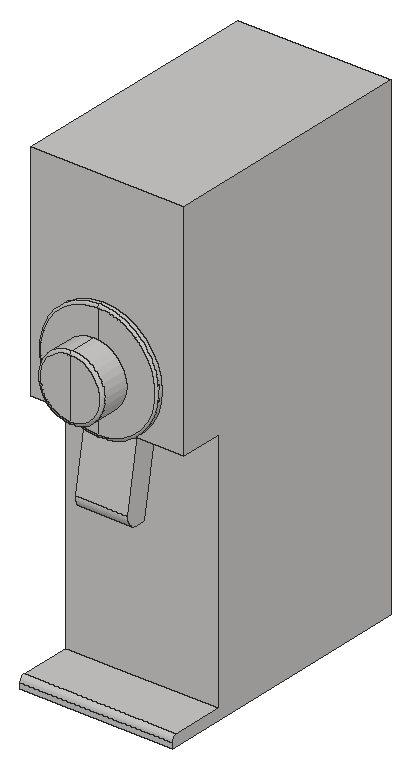
Revit family "QF_ELECTROLUXPROFESSIONAL_600656_E810", category Specialty Equipment, Revit 2018
Family settings
  Round Connector Dimension = Use Diameter
  Part Type = Normal
  Work Plane-Based = No
  Always vertical = Yes
  Cut with Voids When Loaded = No
  Shared = No
  Room Calculation Point = No
Parameters
  Weight = 0.00 lbm
  Watts = 0 W
  Volts = 230 V
  URL Manufacturer = "http://professional.electrolux.com"
  URL = "http://professional.electrolux.com"
  Steam Supply Size = 0"
  Steam Supply Minimum Pressure = 0.00 psi
  Steam Supply Maximum Pressure = 0.00 psi
  Steam Pounds per Hour = 0
  Show Clearance [instance] = yes
  Refrigeration Suction Line Size = 0"
  Refrigeration Liquid Line Size = 0"
  Refrigerant Compressor Remote = yes
  Phase = 1
  Model = "E810"
  Manufacturer = "Electrolux"
  Length Actual = 178 mm  # constant formula
  Item Number = "600656"
  Hot Water Size = 0"
  Height Actual = 559 mm  # constant formula
  HP = "1.1 HP"
  Gas Size = 0"
  Gas KW = 0
  Gas Input Pressure = 0.0 Btu/h
  Direct Waste Size = 0"
  Description = "GRINDER. ONE 0.7 KG HOPPER - BLACK WITH MEDIUM DUTY GRINDER"
  Depth Actual = 356 mm  # constant formula
  Cycle = 50 Hz
  Condensate Return Size = 0"
  Compressed Air Volume = 0 GPM
  Compressed Air Size = 0"
  Compressed Air Pressure = 0.00 psi
  Cold Water Size = 0"
  Accessory = yes
Reference planes
  plane 1 "BACK": y = 0
  plane 2: z = 0
  plane 3 "LEFT": x = 0
  plane 4 "RIGHT": x = 178
  plane 5 "FRONT": y = -356
  plane 6 "TOP": z = 559
  plane 7 "Center Y": x = 89
  plane 8 "Center X": y = -178
Forms (mm)
  Extrusion 1, solid, material "QF_Metal - Stainless - Polished"
    sketch origin (0, 0, 0) x (0, 1, 0) y (0, 0, 1)
      loop
        line (-301.964, 559) -> (-301.964, 298.786) -> (-251.107, 298.786) -> (-251.107, 12.714) -> (-311.337, 12.714)
        arc (-311.337, 12.714) -> (-315.947, 10.804) -> (-317.857, 6.194) r 6.521
        line (-317.857, 6.194) -> (-317.857, 0) -> (0, 0) -> (0, 559) -> (-301.964, 559)
    from 0 to 178
  Revolve 2, solid, material "QF_Metal - Stainless - Polished"
    sketch origin (89, 175.397, 1219.2) x (0, 1, 0) y (0, 0, 1)
      loop
        line (-477.362, -857.479) -> (-477.362, -804.079) -> (-483.719, -804.079) -> (-483.719, -788.186) -> (-488.201, -788.186)
        arc (-488.201, -788.186) -> (-490.066, -788.958) -> (-490.839, -790.824) r 2.638
        line (-490.839, -790.824) -> (-490.839, -826.964) -> (-497.196, -826.964) -> (-497.196, -819.336) -> (-528.233, -819.336)
        arc (-528.233, -819.336) -> (-530.47, -820.263) -> (-531.397, -822.5) r 3.165
        line (-531.397, -822.5) -> (-531.397, -857.479) -> (-477.362, -857.479)
      axis (-531.397, -857.479) -> (-477.362, -857.479)
    angle from 0 to 360
  Extrusion 3, solid, material "QF_Metal - Stainless - Polished"
    sketch origin (0, 0, 0) x (0, 1, 0) y (0, 0, 1)
      loop
        line (-295.607, 298.786) -> (-309.79, 218.351)
        arc (-309.79, 218.351) -> (-307.009, 207.97) -> (-297.269, 203.429) r 12.714
        line (-297.269, 203.429) -> (-286.6, 203.429) -> (-269.786, 298.786) -> (-295.607, 298.786)
    from 58.486 to 119.514
  Extrusion 4, solid, material "QF_Door-Drawer Clearances", visible <- "Show Clearance", detail levels coarse
    sketch origin (0, 0, 0) x (0, 1, 0) y (0, 0, 1)
      loop
        arc (-44.479, 800.898) -> (-215.34, 730.125) -> (-286.112, 559.265) r 241.633
        line (-286.112, 559.265) -> (-44.479, 559.265) -> (-44.479, 800.898)
    from 12.295 to 165.705
  Extrusion 5, solid, material "QF_Metal - Stainless - Polished"
    sketch origin (18.398, 0, 559) x (0, 0, -1) y (-1, 0, 0)
      loop
        circle (456.375, -70.602) r 5
    from 0 to 2
Lines and regions (mm)
  symbolic lines
    curve 1: line (0, 0, 0) -> (178, 0, 0)
    curve 2: line (0, -301.964, 0) -> (0, 0, 0)
    curve 3: line (178, -301.964, 0) -> (0, -301.964, 0)
    curve 4: line (178, 0, 0) -> (178, -301.964, 0)
    curve 5: line (0, -301.964, 0) -> (0, -317.857, 0)
    curve 6: line (0, -317.857, 0) -> (58.486, -317.857, 0)
    curve 7: line (178, -317.857, 0) -> (119.525, -317.857, 0)
    curve 8: line (178, -301.964, 0) -> (178, -317.857, 0)
    curve 9: line (119.525, -315.441, 0) -> (119.525, -321.799, 0)
    curve 10: line (119.525, -321.799, 0) -> (127.143, -321.799, 0)
    curve 11: line (127.143, -321.799, 0) -> (127.143, -352.814, 0)
    curve 12: line (58.486, -321.799, 0) -> (58.486, -315.441, 0)
    curve 13: line (119.525, -321.799, 0) -> (50.857, -321.799, 0)
    curve 14: line (50.857, -321.799, 0) -> (50.857, -352.846, 0)
    curve 15: line (123.957, -356, 0) -> (54.011, -356, 0)
    curve 16: arc (127.143, -352.814, 0) -> (126.21, -355.067, 0) -> (123.957, -356, 0) r 3.186
    curve 17: arc (50.857, -352.846, 0) -> (51.781, -355.076, 0) -> (54.011, -356, 0) r 3.154
    curve 18: line (35.6, -301.964, 0) -> (35.6, -308.321, 0)
    curve 19: line (35.6, -308.321, 0) -> (19.707, -308.321, 0)
    curve 20: line (35.6, -308.321, 0) -> (158.293, -308.321, 0)
    curve 21: line (158.293, -308.321, 0) -> (158.293, -312.877, 0)
    curve 22: line (155.729, -315.441, 0) -> (22.341, -315.441, 0)
    curve 23: arc (158.293, -312.877, 0) -> (157.542, -314.69, 0) -> (155.729, -315.441, 0) r 2.564
    curve 24: line (19.707, -308.321, 0) -> (19.707, -312.807, 0)
    curve 25: arc (19.707, -312.807, 0) -> (20.479, -314.67, 0) -> (22.341, -315.441, 0) r 2.634
    curve 26: line (142.455, -308.321, 0) -> (142.455, -301.964, 0)
Dimensions and locks
  equal spacing: plane 3 "LEFT", plane 7 "Center Y", plane 4 "RIGHT"
  plane 3 "LEFT" to plane 4 "RIGHT" = 178 mm
  equal spacing: plane 5 "FRONT", plane 8 "Center X", plane 1 "BACK"
  plane 5 "FRONT" to plane 1 "BACK" = 356 mm  (x2)
  plane 6 "TOP" to level = 559 mm
  plane 6 "TOP" to plane 2 = 559 mm
  aligned and locked: level to plane 2
Automatic sketch dimensions
  Extrusion 1 sketch curve to level = 0 mm
  Extrusion 1 sketch curve to plane 6 "TOP" = 0 mm
  Extrusion 1 sketch curve to plane 1 "BACK" = 0 mm
  level to Extrusion 1 sketch curve = 12.714 mm
  Extrusion 1 sketch curve to plane 8 "Center X" = 73.107 mm
  Extrusion 1 sketch curve to Extrusion 1 sketch curve = 50.857 mm
  level to Extrusion 1 sketch curve = 6.194 mm
  Extrusion 1 sketch curve to plane 5 "FRONT" = 44.663 mm
  Extrusion 1 sketch curve to plane 6 "TOP" = 260.214 mm
  Extrusion 3 sketch curve to plane 5 "FRONT" = 46.21 mm
  Extrusion 3 sketch curve to Extrusion 3 sketch curve = 12.521 mm
  level to Extrusion 3 sketch curve = 216.143 mm
  Extrusion 3 sketch curve to Extrusion 3 sketch curve = 2.208 mm
  Extrusion 3 sketch curve to plane 5 "FRONT" = 60.393 mm
  Extrusion 3 sketch curve to Extrusion 3 sketch curve = 10.669 mm
  Extrusion 3 sketch curve to Extrusion 3 sketch curve = 25.821 mm
  Extrusion 3 sketch curve to Extrusion 3 sketch curve = 82.643 mm
  Revolve 2 sketch curve to plane 5 "FRONT" = 0 mm
  Revolve 2 sketch curve to plane 5 "FRONT" = 3.165 mm
  Revolve 2 sketch curve to Revolve 2 sketch curve = 31.037 mm
  Revolve 2 sketch curve to Revolve 2 sketch curve = 6.357 mm
  Revolve 2 sketch curve to Revolve 2 sketch curve = 2.638 mm
  Revolve 2 sketch curve to Revolve 2 sketch curve = 4.482 mm
  Revolve 2 sketch curve to Revolve 2 sketch curve = 13.477 mm
  Revolve 2 sketch curve to plane 6 "TOP" = 197.279 mm
  Revolve 2 sketch curve to Revolve 2 sketch curve = 30.514 mm
  Revolve 2 sketch curve to Revolve 2 sketch curve = 4.464 mm
  Revolve 2 sketch curve to Revolve 2 sketch curve = 15.257 mm
  Revolve 2 sketch curve to Revolve 2 sketch curve = 13.255 mm
  Revolve 2 sketch curve to plane 5 "FRONT" = 7.036 mm
  Revolve 2 sketch curve to Revolve 2 sketch curve = 25.094 mm
  Revolve 2 sketch curve to Revolve 2 sketch curve = 0 mm
  plane 6 "TOP" to Extrusion 4 sketch curve = 0.265 mm
  Extrusion 4 sketch curve to plane 5 "FRONT" = 69.888 mm
  plane 1 "BACK" to Extrusion 4 sketch curve = 44.479 mm
  plane 1 "BACK" to curve 1 = 0 mm
  curve 1 to plane 3 "LEFT" = 0 mm
  plane 5 "FRONT" to curve 17 = 0 mm
  curve 4 to plane 4 "RIGHT" = 0 mm
  plane 3 "LEFT" to curve 19 = 19.707 mm
  curve 24 to curve 25 = 2.634 mm
  curve 25 to curve 20 = 13.259 mm
  curve 14 to plane 5 "FRONT" = 3.154 mm
  curve 14 to plane 7 "Center Y" = 38.143 mm
  plane 7 "Center Y" to curve 9 = 30.525 mm
  curve 9 to curve 15 = 4.431 mm
  curve 16 to curve 11 = 3.186 mm
  plane 4 "RIGHT" to curve 22 = 22.271 mm
  curve 23 to curve 20 = 2.564 mm
  curve 14 to curve 14 = 31.048 mm
  curve 8 to plane 5 "FRONT" = 38.143 mm
  curve 7 to curve 22 = 2.416 mm
  curve 25 to curve 18 = 4.486 mm
  curve 5 to curve 3 = 15.893 mm
  curve 13 to curve 12 = 7.629 mm
  curve 26 to curve 23 = 13.273 mm
  curve 12 to curve 6 = 3.941 mm
  Extrusion 1 to Extrusion 5 sketch curve = 102.625 mm
  Extrusion 1 to Extrusion 5 sketch curve = 89 mm
  radius of Extrusion 5 sketch curve = 5 mm
Connectors
  electrical at (89, 2, 102.625)
    settings: on Extrusion 5, index 1, voltage 230 V, apparent load 0 VA, apparent load phase1 0 VA, apparent load phase2 0 VA, apparent load phase3 0 VA, power factor 1, load classification "Other", number of poles 1, system type 30, power factor state 1, is connector primary yes, connector utility no, sub classification motor no, connector description "ELECTRICAL CONNECTION"
